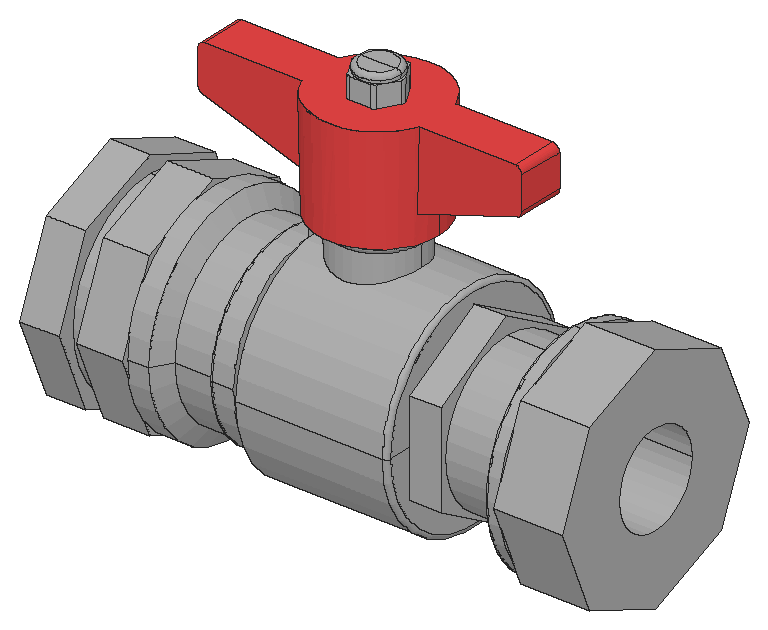
Revit family "QD40300000", category Apparecchi idraulici, Revit 2016
Family settings
  Tipo di parte = Normale
  Quota connettore circolare = Usa diametro
  Numero OmniClass = 23.45.00.00
  Titolo OmniClass = Sanitary, Laundry, and Cleaning Equipment
  Basato su piano di lavoro = No
  Sempre verticale = Sì
  Taglio con vuoti quando caricato = No
  Condiviso = No
  Punto di calcolo locali = No
Parameters
  URL = "https://web.cimberio.it/index.php/figura/277?subcategoria_id=43550"
  Produttore = "CIMBERIO SPA"
  Modello = "Cim 283"
  DN Model [instance] = QD40303171 : QD40303171
  DN [instance] = 20 mm
Reference planes
  plane 1 "Centro (Fronte/Retro)": y = 0
  plane 2: z = 0
  plane 3 "Centro (Sinistra/Destra)": x = 0
Dimensions and locks
  aligned and locked: level to plane 2
Nested families
  nested 1: "QD40303171" at (0, 0, 0), type <- "DN Model", type "QD40303171"
  nested 2: "QD40303171" at (0, 0, 0), type <- "DN Model", type "QD40303171"
  nested 3: "QD40303171" at (0, 0, 0), type <- "DN Model", type "QD40303171"
  nested 4: "QD40303171" at (0, 0, 0), type <- "DN Model", type "QD40303171"
  nested 5: "QD40303171" at (0, 0, 0), type <- "DN Model", type "QD40303171"
  nested 6: "QD40303171" at (0, 0, 0), type <- "DN Model", type "QD40303171"
  nested 7: "QD40303171" at (0, 0, 0), type <- "DN Model", type "QD40303171"
  nested 8: "QD40303171" at (0, 0, 0), type <- "DN Model", type "QD40303171"
  nested 9: "QD40303171" at (0, 0, 0), type <- "DN Model", type "QD40303171"
  nested 10: "QD40303171" at (0, 0, 0), type <- "DN Model", type "QD40303171"
Connectors
  piping at (59.8, 0, 0), diameter 20, driven by "DN"
    settings: on nested 1, index 1, connector inside diameter 609.6 mm, connector length 0 mm, flow factor 0, pipe flow 0.0 L/s, pressure drop 0.0 Pa, fitting loss kfactor 0, connector angle 0.00°, fixture units 0, engagement length 0 mm, angle of deflection 0.00°, flow configuration 0, flow direction 0, fitting loss method 0, system type 7, joint type 0, gender type 0, connector reference index -1, connector utility 0, adjustable connector no, is connector primary yes, connector description ""
  piping at (-57.771, 0, 0), diameter 20, driven by "DN"
    settings: on nested 1, index 2, connector inside diameter 609.6 mm, connector length 0 mm, flow factor 0, pipe flow 0.0 L/s, pressure drop 0.0 Pa, fitting loss kfactor 0, connector angle 0.00°, fixture units 0, engagement length 0 mm, angle of deflection 0.00°, flow configuration 0, flow direction 0, fitting loss method 0, system type 7, joint type 0, gender type 0, connector reference index -1, connector utility 0, adjustable connector no, is connector primary no, connector description ""
Definition of nested family "QD40303171"
  Parameters (values of type "QD40303171")
    Model = "QD40403163"
    DN [instance] = "1\""
  Reference planes
    plane 1 "Centro (Fronte/Retro)": y = 0
    plane 2: z = 0
    plane 3 "Centro (Sinistra/Destra)": x = 0
  Forms (mm)
    Revolve 1, solid
      sketch origin (0, 0, 4) x (1, 0, 0) y (0, 0, 1)
        loop
          line (5, 31.3) -> (5, 15.282) -> (9.381, 15.282) -> (9.381, 24)
          arc (9.381, 24) -> (9.751, 24.365) -> (9.887, 24.866) r 0.994
          line (9.887, 24.866) -> (9.887, 31.3) -> (5, 31.3)
        axis (0, 31.3) -> (0, 15.282)
      angle from 0 to 360
    Revolve 2, solid
      sketch origin (0, 0, 4) x (1, 0, 0) y (0, 0, 1)
        loop
          line (-1.75, 26.8) -> (-1.75, 32.8) -> (0, 32.8) -> (0, 49.8) -> (-13.579, 49.8) -> (-13.134, 26.8) -> (-1.75, 26.8)
        axis (0, 49.8) -> (0, 26.8)
      angle from 0 to 360
    Revolve 3, solid
      sketch origin (0, 0, 4) x (1, 0, 0) y (0, 0, 1)
        loop
          line (0, 55.8) -> (0, 53.928) -> (4.75, 53.928) -> (4.75, 54.8)
          arc (4.75, 54.8) -> (4.456, 55.508) -> (3.748, 55.8) r 1
          line (3.748, 55.8) -> (0, 55.8)
        axis (0, 55.8) -> (0, 53.928)
      angle from 0 to 360
    Extrusion 4, solid
      sketch origin (0, 0, 4) x (1, 0, 0) y (0, 0, 1)
        loop
          arc (-33.5, 49.8) -> (-34.561, 49.361) -> (-35, 48.3) r 1.5
          line (-35, 48.3) -> (-35, 41.227)
          arc (-35, 41.227) -> (-34.714, 40.345) -> (-33.964, 39.8) r 1.5
          line (-33.964, 39.8) -> (-10.874, 32.298) -> (-10.874, 49.8) -> (-33.5, 49.8)
        loop
          line (33.5, 49.8) -> (10.874, 49.8) -> (10.874, 32.298) -> (33.964, 39.8)
          arc (33.964, 39.8) -> (34.714, 40.345) -> (35, 41.227) r 1.5
          line (35, 41.227) -> (35, 48.3)
          arc (35, 48.3) -> (34.561, 49.361) -> (33.5, 49.8) r 1.5
      from -5 to 5
    Extrusion 5, solid
      sketch origin (0.001, 0, 32.55) x (0.80479, -0.593559, 0) y (0.593559, 0.80479, 0)
        loop
          line (-1.146, 5.373) -> (-4.802, 2.675)
          arc (-4.802, 2.675) -> (-5.145, 2.245) -> (-5.227, 1.701) r 1.063
          line (-5.227, 1.701) -> (-4.719, -2.806)
          arc (-4.719, -2.806) -> (-4.514, -3.33) -> (-4.073, -3.682) r 1.088
          line (-4.073, -3.682) -> (0.09, -5.499)
          arc (0.09, -5.499) -> (0.628, -5.58) -> (1.134, -5.381) r 1.051
          line (1.134, -5.381) -> (4.803, -2.674)
          arc (4.803, -2.674) -> (5.145, -2.245) -> (5.227, -1.703) r 1.06
          line (5.227, -1.703) -> (4.717, 2.823)
          arc (4.717, 2.823) -> (4.517, 3.333) -> (4.089, 3.675) r 1.058
          line (4.089, 3.675) -> (-0.077, 5.493)
          arc (-0.077, 5.493) -> (-0.628, 5.576) -> (-1.146, 5.373) r 1.076
      from 21.25 to 25.75
    Revolve 6, solid
      sketch origin (0, 0, 0) x (1, 0, 0) y (0, 1, 0)
        loop
          line (-35.5, 10) -> (20.6, 10) -> (20.6, 22.5)
          arc (20.6, 22.5) -> (20.308, 23.207) -> (19.601, 23.5) r 1
          line (19.601, 23.5) -> (-12, 23.5) -> (-15, 20.5) -> (-19.5, 20.5)
          arc (-19.5, 20.5) -> (-19.854, 20.354) -> (-20, 20) r 0.5
          arc (-20, 20) -> (-20.146, 19.647) -> (-20.499, 19.5) r 0.5
          line (-20.499, 19.5) -> (-28.5, 19.5) -> (-30.809, 23.5) -> (-35.5, 23.5) -> (-35.5, 10)
        axis (-35.5, 0) -> (20.6, 0)
      angle from 0 to 360
    Extrusion 7, solid
      sketch origin (0, 0, 4) x (-1, 0, 0) y (0, 0, -1)
        loop
          line (14, -30.3) -> (14, -15.3) -> (8.237, -15.3) -> (8.237, -30.3) -> (14, -30.3)
      from 0 to 1.41
    Extrusion 8, solid
      sketch origin (-11, 0, 0) x (0, 0, 1) y (0, 1, 0)
        loop
          circle (0, 0) r 10
        loop
          line (24.5, 0) -> (17.324, 17.324) -> (0, 24.5) -> (-17.324, 17.324) -> (-24.5, 0) -> (-17.324, -17.324) -> (0, -24.5) -> (17.324, -17.324) -> (24.5, 0)
      from 38.271 to 46.771
    Revolve 9, solid
      sketch origin (-4.4, 0, 0) x (1, 0, 0) y (0, 0, 1)
        loop
          line (-49.297, 21) -> (-49.297, 10) -> (-41.1, 10) -> (-41.1, 21) -> (-49.297, 21)
        axis (-49.297, 0) -> (-41.1, 0)
      angle from 0 to 360
    Extrusion 10, solid
      sketch origin (-11, 0, 0) x (0, 0, 1) y (0, 1, 0)
        loop
          circle (0, 0) r 10
        loop
          line (24.65, 0) -> (17.43, 17.43) -> (0, 24.65) -> (-17.43, 17.43) -> (-24.65, 0) -> (-17.43, -17.43) -> (0, -24.65) -> (17.43, -17.43) -> (24.65, 0)
      from 24.5 to 34.5
    Extrusion 11, solid
      sketch origin (0, 0, 0) x (0, 1, 0) y (0, 0, 1)
        loop
          circle (0, 0) r 10
        loop
          line (0, 20.25) -> (-17.537, 10.125) -> (-17.537, -10.125) -> (0, -20.25) -> (17.537, -10.125) -> (17.537, 10.125) -> (0, 20.25)
      from 20.6 to 27.6
    Revolve 12, solid
      sketch origin (0, 0, 0) x (1, 0, 0) y (0, 0, 1)
        loop
          line (27.6, 16.6) -> (27.6, 10) -> (41.8, 10) -> (41.8, 16.6) -> (27.6, 16.6)
        axis (27.6, 0) -> (41.8, 0)
      angle from 0 to 360
    Revolve 13, solid
      sketch origin (0, 0, 0) x (1, 0, 0) y (0, 0, 1)
        loop
          line (44.8, 23.5) -> (42.301, 23.5)
          arc (42.301, 23.5) -> (41.947, 23.354) -> (41.8, 23) r 0.5
          line (41.8, 23) -> (41.8, 10) -> (44.8, 10) -> (44.8, 23.5)
        axis (41.8, 0) -> (44.8, 0)
      angle from 0 to 360
    Extrusion 14, solid
      sketch origin (0, 0, 0) x (0, 1, 0) y (0, 0, 1)
        loop
          circle (0, 0) r 10
        loop
          line (0, 25) -> (-17.678, 17.678) -> (-25, 0) -> (-17.678, -17.678) -> (0, -25) -> (17.678, -17.678) -> (25, 0) -> (17.678, 17.678) -> (0, 25)
      from 44.8 to 59.8
  Cuts and joins
    joined: Revolve 2, Extrusion 4
  Dimensions and locks
    aligned and locked: level to plane 2
